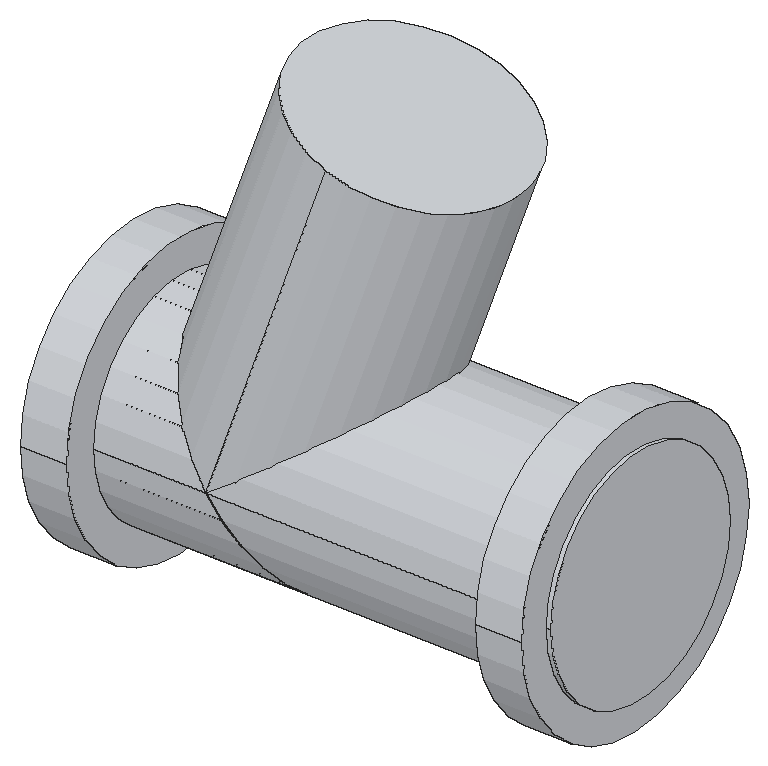
Revit family "447-DN250-RFA_2019", category Pipe Accessories, Revit 2019
Family settings
  Round Connector Dimension = Use Diameter
  Part Type = Valve - Breaks Into
  Work Plane-Based = No
  Always vertical = Yes
  Cut with Voids When Loaded = No
  Shared = No
Parameters (values of type "447-DN250")
  magiProductId = "a0eac83e29f84220b7ba68901aa49e"
  magiProductFamilyId = "b72cb932c1b3471491e3d369876ba1"
  magiPartTypeId = 304
  isMeasuringValve [instance] = no
  ang2D [instance] = 0.00°
  X2 = 171.789 mm
  X1 = 102.2 mm
  W2D = 100 mm
  VersionID = "2.0/2017.9.26.1/ZETKAMA_447_001"
  Use Minimum Symbol Size [instance] = yes
  URL = "http://www.hydronix.cz"
  Type Comments = "přírubový; PN16; -10~+120°C"
  S = 319 mm
  QmdConnectorList = "301;D;302;D"
  Productdata [instance] = ""
  Manufacturer = "Hydronix"
  MC Product Code = "447 250 (DN250; PN16 kvs1188)"
  MC Piping Given Pressure Drop [instance] = 0.0 Pa
  LM1 = 58.4 mm
  LM = 584 mm
  L2D_Min = 3048 mm
  L2D = 350 mm
  L2 = 365 mm
  HH1 = 471.987 mm
  FD = 405 mm
  Description = "Ruční vyvažovací ventil přírubový; DN250; PN16; kvs1188"
  DT = 310 mm
  D = 250 mm
  CC = 7.3 mm
  CAT0 = yes
  C1 = 65.7 mm
  C = 73 mm
Types (10, lengths in mm): name | magiProductId | X2 | X1 | S | MC Product Code | LM1 | LM | L2 | HH1 | FD | Description | DT | D | CC | C1 | C
  447-DN100 | "98b46d48787042dd9a812fc0797c69" | 79.261 | 49 | 156 | "447 100 (DN100; PN16 kvs184,7)" | 28 | 280 | 175 | 217.769 | 220 | "Ruční vyvažovací ventil přírubový; DN100; PN16; kvs184,7" | 130 | 100 | 3.5 | 31.5 | 35
  447-DN125 | "02b47ccb17f74d08923d86f3fe118e" | 86.541 | 56 | 184 | "447 125 (DN125; PN16 kvs285,1)" | 32 | 320 | 200 | 237.769 | 250 | "Ruční vyvažovací ventil přírubový; DN125; PN16; kvs285,1" | 130 | 125 | 4 | 36 | 40
  447-DN150 | "7f7b5672e2b748ca8839732ddacd1d" | 95.64 | 67.2 | 211 | "447 150 (DN150; PN16 kvs390,2)" | 38.4 | 384 | 240 | 262.769 | 285 | "Ruční vyvažovací ventil přírubový; DN150; PN16; kvs390,2" | 130 | 150 | 4.8 | 43.2 | 48
  447-DN200 | "e1019e6fc9b647ceac6d31797e2f53" | 155.411 | 84 | 266 | "447 200 (DN200; PN16 kvs710)" | 48 | 480 | 300 | 426.987 | 340 | "Ruční vyvažovací ventil přírubový; DN200; PN16; kvs710" | 310 | 200 | 6 | 54 | 60
  447-DN250 | "a0eac83e29f84220b7ba68901aa49e" | 171.789 | 102.2 | 319 | "447 250 (DN250; PN16 kvs1188)" | 58.4 | 584 | 365 | 471.987 | 405 | "Ruční vyvažovací ventil přírubový; DN250; PN16; kvs1188" | 310 | 250 | 7.3 | 65.7 | 73
  447-DN300 | "476300b2e87f4f20bd49d272c44436" | 175.429 | 119 | 370 | "447 300 (DN300; PN16 kvs1504)" | 68 | 680 | 425 | 481.987 | 460 | "Ruční vyvažovací ventil přírubový; DN300; PN16; kvs1504" | 310 | 300 | 8.5 | 76.5 | 85
  447-DN040 | "1b02107dafeb4f5588628c478854c2" | 42.71 | 28 | 84 | "447 040 (DN40; PN16 kvs22,36)" | 16 | 160 | 100 | 117.345 | 150 | "Ruční vyvažovací ventil přírubový; DN40; PN16; kvs22,36" | 74 | 40 | 2 | 18 | 20
  447-DN050 | "5ed7087ff739473a8b86e2dbbe5062" | 42.71 | 32.2 | 99 | "447 050 (DN50; PN16 kvs32,15)" | 18.4 | 184 | 115 | 117.345 | 165 | "Ruční vyvažovací ventil přírubový; DN50; PN16; kvs32,15" | 74 | 50 | 2.3 | 20.7 | 23
  447-DN065 | "bd77367604f142d88050bf73c88c7b" | 71.982 | 40.6 | 118 | "447 065 (DN65; PN16 kvs88,8)" | 23.2 | 232 | 145 | 197.769 | 185 | "Ruční vyvažovací ventil přírubový; DN65; PN16; kvs88,8" | 130 | 65 | 2.9 | 26.1 | 29
  447-DN080 | "7399fcf493614c92ad9035a8ac3adf" | 71.982 | 43.4 | 132 | "447 080 (DN80; PN16 kvs113,4)" | 24.8 | 248 | 155 | 197.769 | 200 | "Ruční vyvažovací ventil přírubový; DN80; PN16; kvs113,4" | 130 | 80 | 3.1 | 27.9 | 31
Reference planes
  plane 1 "Center (Front/Back)": y = 0
  plane 2 "XYPLANE": z = 0
  plane 3 "Center (Left/Right)": x = 0
  plane 4 "110": x = 40.389
  plane 5 "109": z = 471.987
  plane 6 "108": x = -131.4
  plane 7 "107": x = 357.7
  plane 8 "106": x = -357.7
  plane 9 "105": z = 0
  plane 10 "104": y = 0
  plane 11 "103": x = -365
  plane 12 "102": x = 365
  plane 13 "100": x = -292
  plane 14 "99": x = 292
  plane 15 "98": x = -233.6
Forms (mm)
  Extrusion 1, solid, visible <- "CAT0"
    sketch origin (-292, -750, 0) x (0, 1, 0) y (0, 0, 1)
      loop
        circle (750, 0) r 155
    from 0 to 584 <- "LM"
  Sweep 2, solid, visible <- "CAT0"
    path origin (750, 0, 0) x (-1, 0, 0) y (0, 0, 1)
      loop
        line (1042, 0) -> (881.4, 0) -> (709.611, 471.987)
    profile origin (-292, 0, 0) x (0, 0, -1) y (0, 1, 0)
      loop
        circle (0, 0) r 155
  Extrusion 3, solid
    sketch origin (357.7, -750, 0) x (0, 1, 0) y (0, 0, 1)
      loop
        circle (750, 0) r 159.5
    from 0 to 7.3 <- "CC"
  Extrusion 4, solid
    sketch origin (292, -750, 0) x (0, 1, 0) y (0, 0, 1)
      loop
        circle (750, 0) r 202.5
    from 0 to 65.7 <- "C1"
  Extrusion 5, solid
    sketch origin (-357.7, -750, 0) x (0, 1, 0) y (0, 0, 1)
      loop
        circle (750, 0) r 202.5
    from 0 to 65.7 <- "C1"
  Extrusion 6, solid
    sketch origin (-365, -750, 0) x (0, 1, 0) y (0, 0, 1)
      loop
        circle (750, 0) r 159.5
    from 0 to 7.3 <- "CC"
  Extrusion 7, solid, not visible
    sketch origin (-365, -750, 0) x (0, 1, 0) y (0, 0, 1)
      loop
        circle (750, 0) r 10
    from 0 to 10
  Extrusion 8, solid, not visible
    sketch origin (365, -750, 0) x (0, 1, 0) y (0, 0, 1)
      loop
        circle (750, 0) r 10
    from 0 to -10
Lines and regions (mm)
  reference lines, not visible
    curve 1: circle (2, 2, 0) r 1 normal (0, 0, 1)
Dimensions and locks
  plane 1 "Center (Front/Back)" to curve 1 = 2 mm
  "X2": plane 6 "108" to plane 4 "110"
  "HH1": plane 2 "XYPLANE" to plane 5 "109"
  "X1": plane 15 "98" to plane 6 "108"
  "C1": plane 14 "99" to plane 7 "107"
  "CC": plane 11 "103" to plane 8 "106"
  locked: plane 2 "XYPLANE" to plane 9 "105"
  locked: plane 1 "Center (Front/Back)" to plane 10 "104"
  "L2": plane 3 "Center (Left/Right)" to plane 11 "103"
  "L2": plane 3 "Center (Left/Right)" to plane 12 "102"
  "C": plane 11 "103" to plane 13 "100"
  "LM": plane 13 "100" to plane 14 "99"
  "LM1": plane 13 "100" to plane 15 "98"
  Sweep 2 sketch curve to Sweep 2 sketch curve = 0 mm  (x2)
  "DT": diameter of Extrusion 1 sketch curve
  "DT": diameter of Sweep 2 sketch curve
  "S": diameter of Extrusion 3 sketch curve
  "FD": diameter of Extrusion 4 sketch curve
  "FD": diameter of Extrusion 5 sketch curve
  "S": diameter of Extrusion 6 sketch curve
  aligned and locked: level to plane 2 "XYPLANE"
  aligned and locked: plane 9 "105" to Extrusion 1 sketch curve
  aligned and locked: Extrusion 1 sketch curve to plane 10 "104"
  aligned and locked: plane 9 "105" to Sweep 2 sketch curve  (x3)
  aligned and locked: Sweep 2 sketch curve to plane 10 "104"
  aligned and locked: plane 13 "100" to Sweep 2 sketch curve
  aligned and locked: plane 6 "108" to Sweep 2 sketch curve
  aligned and locked: plane 4 "110" to Sweep 2 sketch curve
  aligned and locked: plane 5 "109" to Sweep 2 sketch curve
  aligned and locked: plane 9 "105" to Extrusion 3 sketch curve
  aligned and locked: Extrusion 3 sketch curve to plane 10 "104"
  aligned and locked: plane 9 "105" to Extrusion 4 sketch curve
  aligned and locked: Extrusion 4 sketch curve to plane 10 "104"
  aligned and locked: plane 9 "105" to Extrusion 5 sketch curve
  aligned and locked: Extrusion 5 sketch curve to plane 10 "104"
  aligned and locked: plane 9 "105" to Extrusion 6 sketch curve
  aligned and locked: Extrusion 6 sketch curve to plane 10 "104"
  aligned and locked: plane 9 "105" to Extrusion 7 sketch curve
  aligned and locked: Extrusion 7 sketch curve to plane 10 "104"
  aligned and locked: plane 9 "105" to Extrusion 8 sketch curve
  aligned and locked: Extrusion 8 sketch curve to plane 10 "104"
Automatic sketch dimensions
  plane 1 "Center (Front/Back)" to Extrusion 7 sketch curve = 10 mm
  plane 1 "Center (Front/Back)" to Extrusion 8 sketch curve = 10 mm
  plane 3 "Center (Left/Right)" to curve 1 = 2 mm
  radius of curve 1 = 1 mm
Connectors
  piping at (-365, 0, 0), diameter 250, driven by "D"
    settings: on Extrusion 7, index 1, connector inside diameter 609.6 mm, connector length 0 mm, flow factor 0, pipe flow 0.0 L/s, pressure drop 0.0 Pa, fitting loss kfactor 0, connector angle 0.00°, fixture units 0, engagement length 0 mm, angle of deflection 0.00°, flow configuration 0, flow direction 0, fitting loss method 0, system type 29, joint type 0, gender type 0, connector reference index 2, connector utility 0, adjustable connector no, is connector primary yes, connector description ""
  piping at (365, 0, 0), diameter 250, driven by "D"
    settings: on Extrusion 8, index 2, connector inside diameter 609.6 mm, connector length 0 mm, flow factor 0, pipe flow 0.0 L/s, pressure drop 0.0 Pa, fitting loss kfactor 0, connector angle 0.00°, fixture units 0, engagement length 0 mm, angle of deflection 0.00°, flow configuration 0, flow direction 0, fitting loss method 0, system type 29, joint type 0, gender type 0, connector reference index 1, connector utility 0, adjustable connector no, is connector primary no, connector description ""
